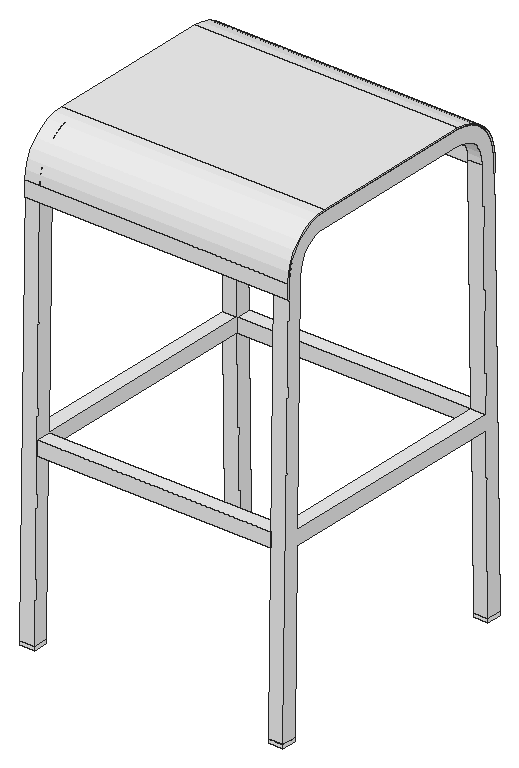
Revit family
Parameters (values of type "2006-24")
  Width = 13 3/4"
  Weight (lbs) = 7
  Warranties = "Life-time Warranty"  # constant formula
  URL = "www.emeco.net"
  Trolly for tow Stacks = "N/A"  # constant formula
  Stackable = " Does Not Stack"  # constant formula
  Spinneybeck Volo Leather = "Yes"  # constant formula
  Sound Attenuation Pad = ""
  Seat Pad Finish = EMECO-Black Vinyl
  Seat Pad Accessory [instance] = no
  Seat Material = "EMECO-Recycled  Aluminum"  # constant formula
  Seat Height = 24"
  Product Name = "20-60 Counter™ Stool"  # constant formula
  Outdoor Warranty = "N/A"  # constant formula
  Model = "2006-24"
  Manufacturer = "Emeco"  # constant formula
  Integrated Felt Glide = "N/A"  # constant formula
  Height = 24"
  Glides = EMECO-Lexan® Glides
  Frame Material = "EMECO-Recycled  Aluminum"  # constant formula
  Frame Finish = EMECO-Hand Brushed
  Fire Retardant Seat Pad = "N/A"  # constant formula
  Fire Retardant = "Certified Acc To Bs And Cal133"  # constant formula
  Description = ""
  Depth = 14"
  Created by = "Contino"  # constant formula
  Collaborator = "Norman Foster"  # constant formula
  Back Pad = EMECO-Black Vinyl
  Back Material = "EMECO-Recycled  Aluminum"  # constant formula
  Back Finish = EMECO-Hand Brushed
  BIFMA = "Yes"  # constant formula
  Assembly Code = "E2020200"
Reference planes (in)
  plane 1 "Center Front/Back": y = 0
  plane 2: z = 0
  plane 3 "Center Left/Right": x = -0.21161
  plane 4 "Left 1": x = -7.08661
  plane 5 "Right 1": x = 6.66339
  plane 6 "Front 1": y = -13.75
  plane 7 "Top 1": z = 24
Forms (in)
  Extrusion 1, solid, material "EMECO-Hand Brushed" <- "Frame Finish"
    sketch origin (8.2929, -7.08661, 0) x (0, 1, 0) y (0, 0, 1)
      loop
        line (7.08354, 0.1875) -> (6.731, 21.69226)
        arc (6.731, 21.69226) -> (6.0257, 23.33751) -> (4.36912, 24.01575) r 2.3622
        line (4.36912, 24.01575) -> (-4.36912, 24.01575)
        arc (-4.36912, 24.01575) -> (-6.0257, 23.33751) -> (-6.731, 21.69226) r 2.3622
        line (-6.731, 21.69226) -> (-7.08354, 0.1875) -> (-6.33541, 0.1875) -> (-6.18939, 9.09449) -> (6.18939, 9.09449) -> (6.33541, 0.1875) -> (7.08354, 0.1875)
      loop
        arc (5.98351, 21.65332) -> (5.51066, 22.79487) -> (4.36912, 23.26772) r 1.61439
        line (4.36912, 23.26772) -> (-4.36912, 23.26772)
        arc (-4.36912, 23.26772) -> (-5.51066, 22.79487) -> (-5.98351, 21.65332) r 1.61439
        line (-5.98351, 21.65332) -> (-6.17713, 9.84252) -> (6.17713, 9.84252) -> (5.98351, 21.65332)
    from -2.36278 to -1.61475
  Extrusion 2, solid, material "EMECO-Hand Brushed" <- "Frame Finish"
    sketch origin (-8.71613, -7.08661, 0) x (0, 1, 0) y (0, 0, -1)
      loop
        line (7.08354, -0.1875) -> (6.33541, -0.1875) -> (6.18939, -9.09449) -> (-6.18939, -9.09449) -> (-6.33541, -0.1875) -> (-7.08354, -0.1875) -> (-6.731, -21.69226)
        arc (-6.731, -21.69226) -> (-6.0257, -23.33751) -> (-4.36912, -24.01575) r 2.3622
        line (-4.36912, -24.01575) -> (4.36912, -24.01575)
        arc (4.36912, -24.01575) -> (6.0257, -23.33751) -> (6.731, -21.69226) r 2.3622
        line (6.731, -21.69226) -> (7.08354, -0.1875)
      loop
        line (5.98351, -21.65332) -> (6.17713, -9.84252) -> (-6.17713, -9.84252) -> (-5.98351, -21.65332)
        arc (-5.98351, -21.65332) -> (-5.51066, -22.79487) -> (-4.36912, -23.26772) r 1.61439
        line (-4.36912, -23.26772) -> (4.36912, -23.26772)
        arc (4.36912, -23.26772) -> (5.51066, -22.79487) -> (5.98351, -21.65332) r 1.61439
    from -2.36278 to -1.61475
  Extrusion 3, solid, material "EMECO-Hand Brushed" <- "Frame Finish"
    sketch origin (8.2929, -7.08661, 0) x (0, 1, 0) y (0, 0, 1)
      loop
        line (-6.92526, 9.84252) -> (-6.93752, 9.09449) -> (-6.18939, 9.09449) -> (-6.17713, 9.84252) -> (-6.92526, 9.84252)
    from -14.64625 to -2.36278
  Extrusion 4, solid, material "EMECO-Hand Brushed" <- "Frame Finish"
    sketch origin (8.2929, -7.08661, 0) x (0, -1, 0) y (0, 0, -1)
      loop
        line (-6.92526, -9.84252) -> (-6.17713, -9.84252) -> (-6.18939, -9.09449) -> (-6.93752, -9.09449) -> (-6.92526, -9.84252)
    from -14.64625 to -2.36278
  Extrusion 5, solid, material "EMECO-Hand Brushed" <- "Frame Finish"
    sketch origin (8.2929, -7.08661, 0) x (0, 1, 0) y (0, 0, 1)
      loop
        arc (6.77036, 21.69325) -> (6.06705, 23.39118) -> (4.36912, 24.09449) r 2.40124
        line (4.36912, 24.09449) -> (-4.36912, 24.09449)
        arc (-4.36912, 24.09449) -> (-6.06705, 23.39118) -> (-6.77036, 21.69325) r 2.40124
        line (-6.77036, 21.69325) -> (-6.78283, 20.93197) -> (-6.74347, 20.93197) -> (-6.73099, 21.69325)
        arc (-6.73099, 21.69325) -> (-6.03921, 23.36334) -> (-4.36912, 24.05512) r 2.36187
        line (-4.36912, 24.05512) -> (4.36912, 24.05512)
        arc (4.36912, 24.05512) -> (6.03921, 23.36334) -> (6.73099, 21.69325) r 2.36187
        line (6.73099, 21.69325) -> (6.74347, 20.93197) -> (6.78283, 20.93197) -> (6.77036, 21.69325)
    from -15.39428 to -1.61475
  Extrusion 6, solid, material "EMECO-Black Vinyl" <- "Seat Pad Finish", visible <- "Seat Pad Accessory"
    sketch origin (8.2929, -7.12809, 0) x (0, 1, 0) y (0, 0, 1)
      loop
        line (4.36912, 24.44882) -> (-4.36912, 24.44882)
        arc (-4.36912, 24.44882) -> (-6.3018, 23.65754) -> (-7.12465, 21.73809) r 2.75591
        line (-7.12465, 21.73809) -> (-7.12809, 21.5283)
        arc (-7.12809, 21.5283) -> (-7.02578, 21.28131) -> (-6.77879, 21.179) r 0.3493
        line (-6.77879, 21.179) -> (-6.77036, 21.69325)
        arc (-6.77036, 21.69325) -> (-6.06705, 23.39118) -> (-4.36912, 24.09449) r 2.40124
        line (-4.36912, 24.09449) -> (4.36912, 24.09449)
        arc (4.36912, 24.09449) -> (6.06705, 23.39118) -> (6.77036, 21.69325) r 2.40124
        line (6.77036, 21.69325) -> (6.77879, 21.179)
        arc (6.77879, 21.179) -> (7.02578, 21.28131) -> (7.12809, 21.5283) r 0.3493
        line (7.12809, 21.5283) -> (7.12465, 21.73809)
        arc (7.12465, 21.73809) -> (6.3018, 23.65754) -> (4.36912, 24.44882) r 2.75591
    from -15.19743 to -1.8116
  Extrusion 7, solid, material "EMECO-Lexan® Glides" <- "Glides"
    sketch origin (0, 0, 0) x (1, 0, 0) y (0, 1, 0)
      loop
        line (5.93012, -13.42305) -> (5.93012, -14.17118) -> (6.67815, -14.17118) -> (6.67815, -13.42305) -> (5.93012, -13.42305)
      loop
        line (-6.35335, -13.42305) -> (-7.10138, -13.42305) -> (-7.10138, -14.17118) -> (-6.35335, -14.17118) -> (-6.35335, -13.42305)
      loop
        line (-7.10138, -0.75018) -> (-6.35335, -0.75018) -> (-6.35335, -0.00205) -> (-7.10138, -0.00205) -> (-7.10138, -0.75018)
      loop
        line (6.67815, -0.75121) -> (6.67815, -0.00205) -> (5.93012, -0.00205) -> (5.93012, -0.75121) -> (6.67815, -0.75121)
    from 0 to 0.1875
Lines and regions (in)
  Masking region 1
    outline origin (0, 8.50452, 0) x (-1, 0, 0) y (0, 0, 1)
      loop
        line (-6.66339, 0) -> (-5.93012, 0) -> (-5.93012, 9.09449) -> (6.35335, 9.09449) -> (6.35335, 0) -> (7.08661, 0) -> (7.08661, 23.6063) -> (6.90453, 23.6063)
        arc (6.90453, 23.6063) -> (6.81267, 23.88004) -> (6.55004, 24) r 0.36277
        line (6.55004, 24) -> (-6.12681, 24)
        arc (-6.12681, 24) -> (-6.38945, 23.88004) -> (-6.4813, 23.6063) r 0.36277
        line (-6.4813, 23.6063) -> (-6.66339, 23.6063) -> (-6.66339, 0)
      loop
        line (6.35335, 9.84252) -> (6.35335, 20.93197) -> (-5.93012, 20.93197) -> (-5.93012, 9.84252) -> (6.35335, 9.84252)
  Masking region 2
    outline origin (-0.21161, 0, 0) x (0, 1, 0) y (0, 0, 1)
      loop
        line (-0.24829, 20.85323) -> (-0.21717, 20.85323) -> (-0.21717, 21.62053)
        arc (-0.21717, 21.62053) -> (-0.92809, 23.30437) -> (-2.61831, 24) r 2.40124
        line (-2.61831, 24) -> (-11.14976, 24)
        arc (-11.14976, 24) -> (-12.8323, 23.30307) -> (-13.52923, 21.62053) r 2.37947
        line (-13.52923, 21.62053) -> (-13.52923, 20.85323) -> (-13.49811, 20.85323) -> (-13.75, 0) -> (-13.08488, 0) -> (-12.93579, 9.09449) -> (-0.81061, 9.09449) -> (-0.66152, 0) -> (0.0036, 0) -> (-0.24829, 20.85323)
      loop
        line (-0.82287, 9.84252) -> (-1.01671, 21.60119)
        arc (-1.01671, 21.60119) -> (-1.49878, 22.7255) -> (-2.63088, 23.18898) r 1.61439
        line (-2.63088, 23.18898) -> (-11.11552, 23.18898)
        arc (-11.11552, 23.18898) -> (-12.24762, 22.7255) -> (-12.72969, 21.60119) r 1.61439
        line (-12.72969, 21.60119) -> (-12.92353, 9.84252) -> (-0.82287, 9.84252)
  Masking region 3
    outline origin (0, 0, 0) x (1, 0, 0) y (0, 1, 0)
      loop
        line (-7.08661, 0) -> (-7.08661, -13.75) -> (-6.35335, -13.75) -> (-6.35335, -13.60091) -> (5.93012, -13.60091) -> (5.93012, -13.75) -> (6.66339, -13.75) -> (6.66339, 0) -> (5.93012, 0) -> (5.93012, -0.14909) -> (-6.35335, -0.14909) -> (-6.35335, 0) -> (-7.08661, 0)
  symbolic lines
    curve 1: line (-6.35335, 8.50452, 20.93197) -> (-7.08661, 8.50452, 20.93197)
    curve 2: line (5.93012, 8.50452, 20.93197) -> (6.66339, 8.50452, 20.93197)
    curve 3: line (-6.90453, 8.50452, 23.6063) -> (-6.90453, 8.50452, 21.11197)
    curve 4: line (6.4813, 8.50452, 23.6063) -> (6.4813, 8.50452, 21.11197)
    curve 5: line (-6.90453, 8.50452, 21.11197) -> (6.4813, 8.50452, 21.11197)
    curve 6: line (-0.21161, -0.24727, 20.36682) -> (-0.21161, -0.9954, 20.36682)
    curve 7: line (-0.21161, -12.7546, 20.36682) -> (-0.21161, -13.50273, 20.36682)
    curve 8: line (-0.21161, -1.01092, 21.31375) -> (-0.21161, -0.26391, 21.31375)
    curve 9: line (-0.21161, -12.73908, 21.31375) -> (-0.21161, -13.50171, 21.31375)
    curve 10: line (-0.21161, -0.26391, 20.85323) -> (-0.21161, -0.26391, 21.58761)
    curve 11: arc (-0.21161, -0.26391, 21.58761) -> (-0.21161, -0.9529, 23.25097) -> (-0.21161, -2.61627, 23.93996) r 2.35236
    curve 12: line (-0.21161, -2.61627, 23.93996) -> (-0.21161, -11.14936, 23.93996)
    curve 13: line (-0.21161, -13.50171, 20.85323) -> (-0.21161, -13.50171, 21.58761)
    curve 14: arc (-0.21161, -13.50171, 21.58761) -> (-0.21161, -12.81272, 23.25097) -> (-0.21161, -11.14936, 23.93996) r 2.35236
    curve 15: line (-7.08661, -0.30378, 0) -> (6.66339, -0.30378, 0)
    curve 16: line (-6.35335, -0.14909, 0) -> (-6.35335, -0.30378, 0)
    curve 17: line (5.93012, -0.14909, 0) -> (5.93012, -0.30378, 0)
    curve 18: line (-7.08661, -13.44622, 0) -> (6.66339, -13.44622, 0)
    curve 19: line (-6.35335, -13.60091, 0) -> (-6.35335, -13.44622, 0)
    curve 20: line (5.93012, -13.60091, 0) -> (5.93012, -13.44622, 0)
    curve 21: line (6.66339, 0, 0.1875) -> (5.93012, 0, 0.1875)
    curve 22: line (-7.08661, 0, 0.1875) -> (-6.35335, 0, 0.1875)
    curve 23: line (-0.21161, -0.66357, 0.1875) -> (-0.21161, 0.00209, 0.1875)
    curve 24: line (-0.21161, -13.74849, 0.1875) -> (-0.21161, -13.08283, 0.1875)
Dimensions and locks (in)
  level to plane 7 "Top 1" = 24"
  plane 6 "Front 1" to plane 1 "Center Front/Back" = 13 3/4"  (x2)
  plane 4 "Left 1" to plane 5 "Right 1" = 13 3/4"
  plane 5 "Right 1" to plane 4 "Left 1" = 13 3/4"
  plane 7 "Top 1" to plane 2 = 24"
